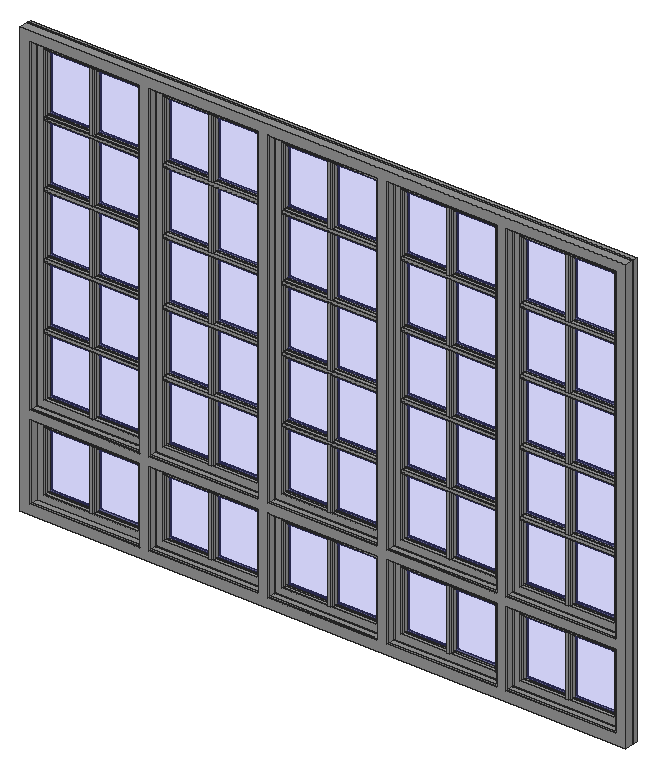
Revit family "MA5SPS", category Windows, host Wall, Revit 2015 (continued)
Automatic sketch dimensions
  Extrusion 2 sketch curve to Extrusion 2 sketch curve = 5 mm
  Extrusion 3 sketch curve to plane 9 = 0 mm
  Extrusion 3 sketch curve to plane 13 = 0 mm
  Extrusion 3 sketch curve to plane 13 = 3.5 mm
  Extrusion 3 sketch curve to plane 13 = 5 mm
  Extrusion 3 sketch curve to Extrusion 3 sketch curve = 3 mm  (x2)
  Extrusion 3 sketch curve to host wall = 3.5 mm  (x3)
  Extrusion 3 sketch curve to Extrusion 3 sketch curve = 8.5 mm  (x2)
  plane 10 to Extrusion 3 sketch curve = 5 mm
  Extrusion 3 sketch curve to Extrusion 3 sketch curve = 14 mm
  host wall to Extrusion 3 sketch curve = 2.5 mm  (x2)
  plane 9 to Extrusion 3 sketch curve = 6 mm  (x2)
  Extrusion 3 sketch curve to Extrusion 3 sketch curve = 1.5 mm
  Extrusion 3 sketch curve to Extrusion 3 sketch curve = 3.5 mm
  Extrusion 3 sketch curve to Extrusion 3 sketch curve = 0 mm
  Extrusion 4 sketch curve to plane 12 = 0 mm
  Extrusion 4 sketch curve to plane 9 = 0 mm
  Extrusion 4 sketch curve to plane 12 = 3.5 mm
  Extrusion 4 sketch curve to plane 12 = 5 mm
  Extrusion 4 sketch curve to Extrusion 4 sketch curve = 3 mm  (x2)
  Extrusion 4 sketch curve to host wall = 3.5 mm  (x4)
  Extrusion 4 sketch curve to Extrusion 4 sketch curve = 8.5 mm  (x2)
  plane 10 to Extrusion 4 sketch curve = 5 mm
  Extrusion 4 sketch curve to Extrusion 4 sketch curve = 14 mm
  plane 9 to Extrusion 4 sketch curve = 6 mm  (x2)
  Extrusion 4 sketch curve to Extrusion 4 sketch curve = 1.5 mm
  Extrusion 4 sketch curve to Extrusion 4 sketch curve = 5 mm
  host wall to Extrusion 4 sketch curve = 2.5 mm  (x2)
  Extrusion 5 sketch curve to plane 12 = 0 mm
  Extrusion 5 sketch curve to plane 9 = 0 mm
  Extrusion 5 sketch curve to plane 12 = 3.5 mm
  Extrusion 5 sketch curve to plane 12 = 5 mm
  Extrusion 5 sketch curve to Extrusion 5 sketch curve = 3 mm  (x2)
  Extrusion 5 sketch curve to host wall = 3.5 mm  (x4)
  Extrusion 5 sketch curve to Extrusion 5 sketch curve = 8.5 mm  (x2)
  plane 10 to Extrusion 5 sketch curve = 5 mm
  Extrusion 5 sketch curve to Extrusion 5 sketch curve = 14 mm
  plane 9 to Extrusion 5 sketch curve = 6 mm  (x2)
  Extrusion 5 sketch curve to Extrusion 5 sketch curve = 1.5 mm
  Extrusion 5 sketch curve to Extrusion 5 sketch curve = 5 mm
  host wall to Extrusion 5 sketch curve = 2.5 mm  (x2)
  Extrusion 6 sketch curve to plane 9 = 0 mm
  Extrusion 6 sketch curve to plane 13 = 0 mm
  Extrusion 6 sketch curve to plane 13 = 3.5 mm
  Extrusion 6 sketch curve to plane 13 = 5 mm
  Extrusion 6 sketch curve to Extrusion 6 sketch curve = 3 mm  (x2)
  Extrusion 6 sketch curve to host wall = 3.5 mm  (x3)
  Extrusion 6 sketch curve to Extrusion 6 sketch curve = 8.5 mm  (x2)
  plane 10 to Extrusion 6 sketch curve = 5 mm
  Extrusion 6 sketch curve to Extrusion 6 sketch curve = 14 mm
  host wall to Extrusion 6 sketch curve = 2.5 mm  (x2)
  plane 9 to Extrusion 6 sketch curve = 6 mm  (x2)
  Extrusion 6 sketch curve to Extrusion 6 sketch curve = 1.5 mm
  Extrusion 6 sketch curve to Extrusion 6 sketch curve = 3.5 mm
  Extrusion 6 sketch curve to Extrusion 6 sketch curve = 0 mm
  plane 6 "Head" to Sweep 7 sketch curve = 37.5 mm
  plane 11 to Sweep 7 sketch curve = 37.5 mm
  Sweep 7 sketch curve to plane 13 = 37.5 mm
  Sweep 7 sketch curve to plane 3 "Left" = 37.5 mm
  profile plane to Sweep 7 sketch curve = 3.5 mm
  profile plane to Sweep 7 sketch curve = 0.5 mm  (x2)
  Sweep 7 sketch curve to profile plane = 0.5 mm  (x2)
  Sweep 7 sketch curve to profile plane = 1.5 mm
  Sweep 7 sketch curve to Sweep 7 sketch curve = 1 mm  (x4)
  Sweep 7 sketch curve to Sweep 7 sketch curve = 2 mm
  Sweep 7 sketch curve to Sweep 7 sketch curve = 3 mm  (x3)
  Sweep 7 sketch curve to profile plane = 25 mm
  Sweep 7 sketch curve to Sweep 7 sketch curve = 0.536 mm  (x2)
  Sweep 7 sketch curve to Sweep 7 sketch curve = 1.766 mm  (x2)
  Sweep 7 sketch curve to Sweep 7 sketch curve = 0.268 mm  (x2)
  Sweep 7 sketch curve to Sweep 7 sketch curve = 2.43 mm  (x2)
  Sweep 7 sketch curve to Sweep 7 sketch curve = 5 mm
  Extrusion 8 sketch curve to plane 9 = 0 mm
  plane 9 to Extrusion 8 sketch curve = 6 mm  (x2)
  Extrusion 8 sketch curve to plane 2 "Center (Left/Right)" = 227 mm
  Extrusion 8 sketch curve to Extrusion 8 sketch curve = 3.5 mm
  Extrusion 8 sketch curve to Extrusion 8 sketch curve = 5 mm  (x2)
  Extrusion 8 sketch curve to Extrusion 8 sketch curve = 3 mm  (x2)
  Extrusion 8 sketch curve to host wall = 3.5 mm  (x4)
  Extrusion 8 sketch curve to Extrusion 8 sketch curve = 8.5 mm  (x2)
  plane 10 to Extrusion 8 sketch curve = 5 mm
  Extrusion 8 sketch curve to Extrusion 8 sketch curve = 14 mm
  Extrusion 8 sketch curve to Extrusion 8 sketch curve = 1.5 mm
  host wall to Extrusion 8 sketch curve = 2.5 mm  (x2)
  Extrusion 9 sketch curve to plane 9 = 0 mm
  plane 9 to Extrusion 9 sketch curve = 6 mm  (x2)
  Extrusion 9 sketch curve to plane 2 "Center (Left/Right)" = 227 mm
  Extrusion 9 sketch curve to Extrusion 9 sketch curve = 3.5 mm
  Extrusion 9 sketch curve to Extrusion 9 sketch curve = 5 mm  (x2)
  Extrusion 9 sketch curve to Extrusion 9 sketch curve = 3 mm  (x2)
  Extrusion 9 sketch curve to host wall = 3.5 mm  (x4)
  Extrusion 9 sketch curve to Extrusion 9 sketch curve = 8.5 mm  (x2)
  plane 10 to Extrusion 9 sketch curve = 5 mm
  Extrusion 9 sketch curve to Extrusion 9 sketch curve = 14 mm
  Extrusion 9 sketch curve to Extrusion 9 sketch curve = 1.5 mm
  host wall to Extrusion 9 sketch curve = 2.5 mm  (x2)
  Extrusion 10 sketch curve to plane 9 = 0 mm
  plane 9 to Extrusion 10 sketch curve = 6 mm  (x2)
  plane 2 "Center (Left/Right)" to Extrusion 10 sketch curve = 271 mm
  Extrusion 10 sketch curve to Extrusion 10 sketch curve = 3.5 mm
  Extrusion 10 sketch curve to Extrusion 10 sketch curve = 5 mm  (x2)
  Extrusion 10 sketch curve to Extrusion 10 sketch curve = 3 mm  (x2)
  Extrusion 10 sketch curve to host wall = 3.5 mm  (x4)
  Extrusion 10 sketch curve to Extrusion 10 sketch curve = 8.5 mm  (x2)
  plane 10 to Extrusion 10 sketch curve = 5 mm
  Extrusion 10 sketch curve to Extrusion 10 sketch curve = 14 mm
  Extrusion 10 sketch curve to Extrusion 10 sketch curve = 1.5 mm
  host wall to Extrusion 10 sketch curve = 2.5 mm  (x2)
  Extrusion 11 sketch curve to plane 9 = 0 mm
  plane 9 to Extrusion 11 sketch curve = 6 mm  (x2)
  plane 2 "Center (Left/Right)" to Extrusion 11 sketch curve = 271 mm
  Extrusion 11 sketch curve to Extrusion 11 sketch curve = 3.5 mm
  Extrusion 11 sketch curve to Extrusion 11 sketch curve = 5 mm  (x2)
  Extrusion 11 sketch curve to Extrusion 11 sketch curve = 3 mm  (x2)
  Extrusion 11 sketch curve to host wall = 3.5 mm  (x4)
  Extrusion 11 sketch curve to Extrusion 11 sketch curve = 8.5 mm  (x2)
  plane 10 to Extrusion 11 sketch curve = 5 mm
  Extrusion 11 sketch curve to Extrusion 11 sketch curve = 14 mm
  Extrusion 11 sketch curve to Extrusion 11 sketch curve = 1.5 mm
  host wall to Extrusion 11 sketch curve = 2.5 mm  (x2)
  profile plane to Sweep 12 sketch curve = 15 mm
  Sweep 12 sketch curve to Sweep 12 sketch curve = 3 mm  (x3)
  Sweep 12 sketch curve to Sweep 12 sketch curve = 0 mm  (x2)
  Sweep 12 sketch curve to Sweep 12 sketch curve = 1 mm  (x7)
  Sweep 12 sketch curve to Sweep 12 sketch curve = 2 mm
  Sweep 12 sketch curve to Sweep 12 sketch curve = 4 mm
  Sweep 12 sketch curve to plane 10 = 25 mm
  Sweep 12 sketch curve to Sweep 12 sketch curve = 0.536 mm  (x2)
  Sweep 12 sketch curve to Sweep 12 sketch curve = 1.766 mm  (x2)
  Sweep 12 sketch curve to Sweep 12 sketch curve = 0.268 mm  (x2)
  Sweep 12 sketch curve to Sweep 12 sketch curve = 2.43 mm
  Sweep 12 sketch curve to Sweep 12 sketch curve = 5 mm
  profile plane to Sweep 13 sketch curve = 15 mm
  Sweep 13 sketch curve to Sweep 13 sketch curve = 3 mm  (x3)
  Sweep 13 sketch curve to Sweep 13 sketch curve = 0 mm  (x2)
  Sweep 13 sketch curve to Sweep 13 sketch curve = 1 mm  (x7)
  Sweep 13 sketch curve to Sweep 13 sketch curve = 2 mm
  Sweep 13 sketch curve to Sweep 13 sketch curve = 4 mm
  Sweep 13 sketch curve to plane 10 = 25 mm
  Sweep 13 sketch curve to Sweep 13 sketch curve = 0.536 mm  (x2)
  Sweep 13 sketch curve to Sweep 13 sketch curve = 1.766 mm  (x2)
  Sweep 13 sketch curve to Sweep 13 sketch curve = 0.268 mm  (x2)
  Sweep 13 sketch curve to Sweep 13 sketch curve = 2.43 mm
  Sweep 13 sketch curve to Sweep 13 sketch curve = 5 mm
  profile plane to Sweep 14 sketch curve = 15 mm
  Sweep 14 sketch curve to Sweep 14 sketch curve = 3 mm  (x3)
  Sweep 14 sketch curve to Sweep 14 sketch curve = 0 mm  (x2)
  Sweep 14 sketch curve to Sweep 14 sketch curve = 1 mm  (x7)
  Sweep 14 sketch curve to Sweep 14 sketch curve = 2 mm
  Sweep 14 sketch curve to Sweep 14 sketch curve = 4 mm
  Sweep 14 sketch curve to plane 10 = 25 mm
  Sweep 14 sketch curve to Sweep 14 sketch curve = 0.536 mm  (x2)
  Sweep 14 sketch curve to Sweep 14 sketch curve = 1.766 mm  (x2)
  Sweep 14 sketch curve to Sweep 14 sketch curve = 0.268 mm  (x2)
  Sweep 14 sketch curve to Sweep 14 sketch curve = 2.43 mm
  Sweep 14 sketch curve to Sweep 14 sketch curve = 5 mm
  profile plane to Sweep 15 sketch curve = 15 mm
  Sweep 15 sketch curve to Sweep 15 sketch curve = 3 mm  (x3)
  Sweep 15 sketch curve to Sweep 15 sketch curve = 0 mm
  Sweep 15 sketch curve to Sweep 15 sketch curve = 1 mm  (x7)
  Sweep 15 sketch curve to Sweep 15 sketch curve = 2 mm
  Sweep 15 sketch curve to Sweep 15 sketch curve = 4 mm
  Sweep 15 sketch curve to plane 10 = 25 mm
  Sweep 15 sketch curve to Sweep 15 sketch curve = 0.536 mm  (x2)
  Sweep 15 sketch curve to Sweep 15 sketch curve = 1.766 mm  (x2)
  Sweep 15 sketch curve to Sweep 15 sketch curve = 0.268 mm  (x2)
  Sweep 15 sketch curve to Sweep 15 sketch curve = 2.43 mm  (x2)
  Sweep 15 sketch curve to Sweep 15 sketch curve = 5 mm
  profile plane to Sweep 16 sketch curve = 15 mm
  Sweep 16 sketch curve to Sweep 16 sketch curve = 3 mm  (x3)
  Sweep 16 sketch curve to Sweep 16 sketch curve = 0 mm
  Sweep 16 sketch curve to Sweep 16 sketch curve = 1 mm  (x7)
  Sweep 16 sketch curve to Sweep 16 sketch curve = 2 mm
  Sweep 16 sketch curve to Sweep 16 sketch curve = 4 mm
  Sweep 16 sketch curve to plane 10 = 25 mm
  Sweep 16 sketch curve to Sweep 16 sketch curve = 0.536 mm  (x2)
  Sweep 16 sketch curve to Sweep 16 sketch curve = 1.766 mm  (x2)
  Sweep 16 sketch curve to Sweep 16 sketch curve = 0.268 mm  (x2)
  Sweep 16 sketch curve to Sweep 16 sketch curve = 2.43 mm  (x2)
  Sweep 16 sketch curve to Sweep 16 sketch curve = 5 mm
  profile plane to Sweep 17 sketch curve = 15 mm
  Sweep 17 sketch curve to Sweep 17 sketch curve = 3 mm  (x3)
  Sweep 17 sketch curve to Sweep 17 sketch curve = 0 mm
  Sweep 17 sketch curve to Sweep 17 sketch curve = 1 mm  (x7)
  Sweep 17 sketch curve to Sweep 17 sketch curve = 2 mm
  Sweep 17 sketch curve to Sweep 17 sketch curve = 4 mm
  Sweep 17 sketch curve to plane 10 = 25 mm
  Sweep 17 sketch curve to Sweep 17 sketch curve = 0.536 mm  (x2)
  Sweep 17 sketch curve to Sweep 17 sketch curve = 1.766 mm  (x2)
  Sweep 17 sketch curve to Sweep 17 sketch curve = 0.268 mm  (x2)
  Sweep 17 sketch curve to Sweep 17 sketch curve = 2.43 mm  (x2)
  Sweep 17 sketch curve to Sweep 17 sketch curve = 5 mm
  profile plane to Sweep 18 sketch curve = 15 mm
  Sweep 18 sketch curve to Sweep 18 sketch curve = 3 mm  (x3)
  Sweep 18 sketch curve to Sweep 18 sketch curve = 0 mm
  Sweep 18 sketch curve to Sweep 18 sketch curve = 1 mm  (x7)
  Sweep 18 sketch curve to Sweep 18 sketch curve = 2 mm
  Sweep 18 sketch curve to Sweep 18 sketch curve = 4 mm
  Sweep 18 sketch curve to plane 10 = 25 mm
  Sweep 18 sketch curve to Sweep 18 sketch curve = 0.536 mm  (x2)
  Sweep 18 sketch curve to Sweep 18 sketch curve = 1.766 mm  (x2)
  Sweep 18 sketch curve to Sweep 18 sketch curve = 0.268 mm  (x2)
  Sweep 18 sketch curve to Sweep 18 sketch curve = 2.43 mm  (x2)
  Sweep 18 sketch curve to Sweep 18 sketch curve = 5 mm
  profile plane to Sweep 19 sketch curve = 15 mm
  Sweep 19 sketch curve to Sweep 19 sketch curve = 3 mm  (x3)
  Sweep 19 sketch curve to Sweep 19 sketch curve = 0 mm  (x2)
  Sweep 19 sketch curve to Sweep 19 sketch curve = 1 mm  (x7)
  Sweep 19 sketch curve to Sweep 19 sketch curve = 2 mm
  Sweep 19 sketch curve to Sweep 19 sketch curve = 4 mm
  Sweep 19 sketch curve to plane 10 = 25 mm
  Sweep 19 sketch curve to Sweep 19 sketch curve = 0.536 mm  (x2)
  Sweep 19 sketch curve to Sweep 19 sketch curve = 1.766 mm  (x2)
  Sweep 19 sketch curve to Sweep 19 sketch curve = 0.268 mm  (x2)
  Sweep 19 sketch curve to Sweep 19 sketch curve = 2.43 mm
  Sweep 19 sketch curve to Sweep 19 sketch curve = 5 mm
  plane 6 "Head" to Sweep 20 sketch curve = 29 mm
  plane 11 to Sweep 20 sketch curve = 29 mm
  plane 4 "Right" to Sweep 20 sketch curve = 29 mm
  Sweep 20 sketch curve to plane 12 = 29 mm
  Sweep 20 sketch curve to profile plane = 0 mm
  profile plane to Sweep 20 sketch curve = 5 mm  (x2)
  Sweep 20 sketch curve to profile plane = 1 mm
  Sweep 20 sketch curve to profile plane = 10 mm
  Sweep 20 sketch curve to profile plane = 12 mm
  Sweep 20 sketch curve to Sweep 20 sketch curve = 2 mm  (x2)
  Sweep 20 sketch curve to profile plane = 8 mm
  Sweep 20 sketch curve to Sweep 20 sketch curve = 29 mm
  Sweep 20 sketch curve to Sweep 20 sketch curve = 0 mm
  Sweep 20 sketch curve to Sweep 20 sketch curve = 6 mm
  Sweep 20 sketch curve to Sweep 20 sketch curve = 3 mm  (x2)
  Sweep 20 sketch curve to Sweep 20 sketch curve = 4 mm
  Sweep 20 sketch curve to Sweep 20 sketch curve = 5 mm
  Sweep 20 sketch curve to Sweep 20 sketch curve = 0.536 mm
  Sweep 20 sketch curve to profile plane = 2.536 mm
  Sweep 20 sketch curve to profile plane = 2 mm
  Sweep 20 sketch curve to Sweep 20 sketch curve = 14 mm
  plane 11 to Sweep 21 sketch curve = 15 mm
  Sweep 21 sketch curve to plane 5 "Sill" = 29 mm
  plane 4 "Right" to Sweep 21 sketch curve = 29 mm
  Sweep 21 sketch curve to plane 12 = 29 mm
  Sweep 21 sketch curve to profile plane = 0 mm
  profile plane to Sweep 21 sketch curve = 5 mm  (x2)
  Sweep 21 sketch curve to profile plane = 1 mm
  Sweep 21 sketch curve to profile plane = 10 mm
  Sweep 21 sketch curve to profile plane = 2 mm
  Sweep 21 sketch curve to Sweep 21 sketch curve = 2 mm  (x3)
  Sweep 21 sketch curve to profile plane = 14 mm
  Sweep 21 sketch curve to Sweep 21 sketch curve = 29 mm
  Sweep 21 sketch curve to Sweep 21 sketch curve = 0 mm
  Sweep 21 sketch curve to Sweep 21 sketch curve = 6 mm
  Sweep 21 sketch curve to Sweep 21 sketch curve = 3 mm  (x2)
  Sweep 21 sketch curve to Sweep 21 sketch curve = 4 mm
  Sweep 21 sketch curve to Sweep 21 sketch curve = 5 mm
  Sweep 21 sketch curve to Sweep 21 sketch curve = 0.536 mm  (x2)
  Sweep 21 sketch curve to Sweep 21 sketch curve = 14 mm
  Extrusion 22 sketch curve to plane 10 = 0 mm  (x8)
  Extrusion 22 sketch curve to Extrusion 22 sketch curve = 25 mm  (x4)
  Extrusion 22 sketch curve to plane 10 = 8 mm  (x8)
  Extrusion 22 sketch curve to Extrusion 22 sketch curve = 6 mm  (x8)
  Extrusion 22 sketch curve to Extrusion 22 sketch curve = 3 mm  (x12)
  plane 11 to Extrusion 22 sketch curve = 316.012 mm
  Extrusion 22 sketch curve to Extrusion 22 sketch curve = 0 mm  (x4)
  Extrusion 22 sketch curve to Extrusion 22 sketch curve = 13 mm  (x6)
  Extrusion 22 sketch curve to Extrusion 22 sketch curve = 235 mm  (x3)
  Extrusion 22 sketch curve to Extrusion 22 sketch curve = 9 mm  (x2)
  Extrusion 23 sketch curve to plane 10 = 0 mm  (x2)
  Extrusion 23 sketch curve to plane 10 = 8 mm
  Extrusion 23 sketch curve to plane 12 = 255.189 mm
  Extrusion 23 sketch curve to Extrusion 23 sketch curve = 3 mm  (x3)
  Extrusion 23 sketch curve to Extrusion 23 sketch curve = 9 mm
  Extrusion 23 sketch curve to Extrusion 23 sketch curve = 6 mm  (x2)
  Extrusion 23 sketch curve to Extrusion 23 sketch curve = 13 mm  (x2)
  Extrusion 23 sketch curve to host wall = 9.5 mm
  Extrusion 23 sketch curve to Extrusion 23 sketch curve = 25 mm
  Extrusion 24 sketch curve to plane 10 = 0 mm  (x2)
  Extrusion 24 sketch curve to plane 10 = 8 mm
  Extrusion 24 sketch curve to plane 12 = 255.189 mm
  Extrusion 24 sketch curve to Extrusion 24 sketch curve = 3 mm  (x3)
  Extrusion 24 sketch curve to Extrusion 24 sketch curve = 9 mm
  Extrusion 24 sketch curve to Extrusion 24 sketch curve = 6 mm  (x2)
  Extrusion 24 sketch curve to Extrusion 24 sketch curve = 13 mm  (x2)
  Extrusion 24 sketch curve to host wall = 9.5 mm
  Extrusion 24 sketch curve to Extrusion 24 sketch curve = 25 mm
  Extrusion 25 sketch curve to plane 10 = 0 mm  (x2)
  Extrusion 25 sketch curve to plane 10 = 8 mm
  Extrusion 25 sketch curve to plane 12 = 255.189 mm
  Extrusion 25 sketch curve to Extrusion 25 sketch curve = 3 mm  (x3)
  Extrusion 25 sketch curve to Extrusion 25 sketch curve = 9 mm
  Extrusion 25 sketch curve to Extrusion 25 sketch curve = 6 mm  (x2)
  Extrusion 25 sketch curve to Extrusion 25 sketch curve = 13 mm  (x2)
  Extrusion 25 sketch curve to host wall = 9.5 mm
  Extrusion 25 sketch curve to Extrusion 25 sketch curve = 25 mm
  Extrusion 26 sketch curve to plane 10 = 0 mm  (x2)
  Extrusion 26 sketch curve to plane 10 = 8 mm
  Extrusion 26 sketch curve to plane 12 = 255.189 mm
  Extrusion 26 sketch curve to Extrusion 26 sketch curve = 3 mm  (x3)
  Extrusion 26 sketch curve to Extrusion 26 sketch curve = 9 mm
  Extrusion 26 sketch curve to Extrusion 26 sketch curve = 6 mm  (x2)
  Extrusion 26 sketch curve to Extrusion 26 sketch curve = 13 mm  (x2)
  Extrusion 26 sketch curve to host wall = 9.5 mm
  Extrusion 26 sketch curve to Extrusion 26 sketch curve = 25 mm
  Extrusion 27 sketch curve to plane 10 = 0 mm  (x2)
  Extrusion 27 sketch curve to plane 10 = 8 mm
  Extrusion 27 sketch curve to plane 12 = 255.189 mm
  Extrusion 27 sketch curve to Extrusion 27 sketch curve = 3 mm  (x3)
  Extrusion 27 sketch curve to Extrusion 27 sketch curve = 9 mm
  Extrusion 27 sketch curve to Extrusion 27 sketch curve = 6 mm  (x2)
  Extrusion 27 sketch curve to Extrusion 27 sketch curve = 13 mm  (x2)
  Extrusion 27 sketch curve to host wall = 9.5 mm
  Extrusion 27 sketch curve to Extrusion 27 sketch curve = 25 mm
  Extrusion 28 sketch curve to plane 10 = 0 mm  (x2)
  Extrusion 28 sketch curve to plane 10 = 8 mm
  Extrusion 28 sketch curve to plane 12 = 255.189 mm
  Extrusion 28 sketch curve to Extrusion 28 sketch curve = 3 mm  (x3)
  Extrusion 28 sketch curve to Extrusion 28 sketch curve = 9 mm
  Extrusion 28 sketch curve to Extrusion 28 sketch curve = 6 mm  (x2)
  Extrusion 28 sketch curve to Extrusion 28 sketch curve = 13 mm  (x2)
  Extrusion 28 sketch curve to host wall = 9.5 mm
  Extrusion 28 sketch curve to Extrusion 28 sketch curve = 25 mm
  Extrusion 29 sketch curve to Extrusion 29 sketch curve = 13 mm
  Extrusion 29 sketch curve to Extrusion 29 sketch curve = 0 mm
  Sweep 30 sketch curve to profile plane = 0 mm
  Sweep 30 sketch curve to profile plane = 0.241 mm
  Sweep 30 sketch curve to Sweep 30 sketch curve = 6.759 mm
  Sweep 30 sketch curve to Sweep 30 sketch curve = 2 mm  (x2)
  profile plane to Sweep 30 sketch curve = 6.4 mm
  Sweep 30 sketch curve to Sweep 30 sketch curve = 1.197 mm
  Sweep 31 sketch curve to profile plane = 0 mm
  Sweep 31 sketch curve to profile plane = 0.241 mm
  Sweep 31 sketch curve to Sweep 31 sketch curve = 6.759 mm
  Sweep 31 sketch curve to Sweep 31 sketch curve = 2 mm  (x2)
  profile plane to Sweep 31 sketch curve = 6.4 mm
  Sweep 31 sketch curve to Sweep 31 sketch curve = 1.197 mm
  Sweep 32 sketch curve to profile plane = 0 mm
  Sweep 32 sketch curve to profile plane = 0.241 mm
  Sweep 32 sketch curve to Sweep 32 sketch curve = 6.759 mm
  Sweep 32 sketch curve to Sweep 32 sketch curve = 2 mm  (x2)
  profile plane to Sweep 32 sketch curve = 6.4 mm
  Sweep 32 sketch curve to Sweep 32 sketch curve = 1.197 mm
  Sweep 33 sketch curve to profile plane = 0 mm
  Sweep 33 sketch curve to profile plane = 0.241 mm
  Sweep 33 sketch curve to Sweep 33 sketch curve = 6.759 mm
  Sweep 33 sketch curve to Sweep 33 sketch curve = 2 mm  (x2)
  profile plane to Sweep 33 sketch curve = 6.4 mm
  Sweep 33 sketch curve to Sweep 33 sketch curve = 1.197 mm
  Sweep 34 sketch curve to profile plane = 0 mm
  Sweep 34 sketch curve to profile plane = 0.241 mm
  Sweep 34 sketch curve to Sweep 34 sketch curve = 6.759 mm
  Sweep 34 sketch curve to Sweep 34 sketch curve = 2 mm  (x2)
  profile plane to Sweep 34 sketch curve = 6.4 mm
  Sweep 34 sketch curve to Sweep 34 sketch curve = 1.197 mm
  Sweep 35 sketch curve to profile plane = 0 mm
  Sweep 35 sketch curve to profile plane = 0.241 mm
  Sweep 35 sketch curve to Sweep 35 sketch curve = 6.759 mm
  Sweep 35 sketch curve to Sweep 35 sketch curve = 2 mm  (x2)
  profile plane to Sweep 35 sketch curve = 6.4 mm
  Sweep 35 sketch curve to Sweep 35 sketch curve = 1.197 mm
  Sweep 36 sketch curve to profile plane = 0 mm
  Sweep 36 sketch curve to profile plane = 0.241 mm
  Sweep 36 sketch curve to Sweep 36 sketch curve = 6.759 mm
  Sweep 36 sketch curve to Sweep 36 sketch curve = 2 mm  (x2)
  profile plane to Sweep 36 sketch curve = 6.4 mm
  Sweep 36 sketch curve to Sweep 36 sketch curve = 1.197 mm
  Sweep 37 sketch curve to profile plane = 0 mm
  Sweep 37 sketch curve to profile plane = 0.241 mm
  Sweep 37 sketch curve to Sweep 37 sketch curve = 6.759 mm
  Sweep 37 sketch curve to Sweep 37 sketch curve = 2 mm  (x2)
  profile plane to Sweep 37 sketch curve = 6.4 mm
  Sweep 37 sketch curve to Sweep 37 sketch curve = 1.197 mm
  Sweep 38 sketch curve to profile plane = 0 mm
  Sweep 38 sketch curve to profile plane = 0.241 mm
  Sweep 38 sketch curve to Sweep 38 sketch curve = 6.759 mm
  Sweep 38 sketch curve to Sweep 38 sketch curve = 2 mm  (x2)
  profile plane to Sweep 38 sketch curve = 6.4 mm
  Sweep 38 sketch curve to Sweep 38 sketch curve = 1.197 mm
  Sweep 39 sketch curve to profile plane = 0 mm
  Sweep 39 sketch curve to profile plane = 0.241 mm
  Sweep 39 sketch curve to Sweep 39 sketch curve = 6.759 mm
  Sweep 39 sketch curve to Sweep 39 sketch curve = 2 mm  (x2)
  profile plane to Sweep 39 sketch curve = 6.4 mm
  Sweep 39 sketch curve to Sweep 39 sketch curve = 1.197 mm
  Sweep 40 sketch curve to profile plane = 0 mm
  Sweep 40 sketch curve to profile plane = 0.241 mm
  Sweep 40 sketch curve to Sweep 40 sketch curve = 6.759 mm
  Sweep 40 sketch curve to Sweep 40 sketch curve = 2 mm  (x2)
  profile plane to Sweep 40 sketch curve = 6.4 mm
  Sweep 40 sketch curve to Sweep 40 sketch curve = 1.197 mm
  Sweep 41 sketch curve to profile plane = 0 mm
  Sweep 41 sketch curve to profile plane = 0.241 mm
  Sweep 41 sketch curve to Sweep 41 sketch curve = 6.759 mm
  Sweep 41 sketch curve to Sweep 41 sketch curve = 2 mm  (x2)
  profile plane to Sweep 41 sketch curve = 6.4 mm
  Sweep 41 sketch curve to Sweep 41 sketch curve = 1.197 mm
  plane 6 "Head" to Sweep 42 sketch curve = 29 mm
  plane 11 to Sweep 42 sketch curve = 29 mm
  Sweep 42 sketch curve to plane 12 = 15 mm
  Sweep 42 sketch curve to plane 2 "Center (Left/Right)" = 256 mm
  Sweep 42 sketch curve to profile plane = 0 mm
  profile plane to Sweep 42 sketch curve = 5 mm  (x2)
  Sweep 42 sketch curve to profile plane = 1 mm
  Sweep 42 sketch curve to profile plane = 10 mm
  Sweep 42 sketch curve to profile plane = 12 mm
  Sweep 42 sketch curve to Sweep 42 sketch curve = 2 mm  (x2)
  Sweep 42 sketch curve to profile plane = 8 mm
  Sweep 42 sketch curve to Sweep 42 sketch curve = 29 mm
  Sweep 42 sketch curve to Sweep 42 sketch curve = 0 mm
  Sweep 42 sketch curve to Sweep 42 sketch curve = 6 mm
  Sweep 42 sketch curve to Sweep 42 sketch curve = 3 mm  (x2)
  Sweep 42 sketch curve to Sweep 42 sketch curve = 4 mm
  Sweep 42 sketch curve to Sweep 42 sketch curve = 5 mm
  Sweep 42 sketch curve to Sweep 42 sketch curve = 0.536 mm
  Sweep 42 sketch curve to profile plane = 2.536 mm
  Sweep 42 sketch curve to profile plane = 2 mm
  Sweep 42 sketch curve to Sweep 42 sketch curve = 14 mm
  plane 11 to Sweep 43 sketch curve = 15 mm
  Sweep 43 sketch curve to plane 5 "Sill" = 29 mm
  Sweep 43 sketch curve to plane 12 = 15 mm
  Sweep 43 sketch curve to plane 2 "Center (Left/Right)" = 256 mm
  Sweep 43 sketch curve to profile plane = 0 mm
  profile plane to Sweep 43 sketch curve = 5 mm  (x2)
  Sweep 43 sketch curve to profile plane = 1 mm
  Sweep 43 sketch curve to profile plane = 10 mm
  Sweep 43 sketch curve to profile plane = 2 mm
  Sweep 43 sketch curve to Sweep 43 sketch curve = 2 mm  (x3)
  Sweep 43 sketch curve to profile plane = 14 mm
  Sweep 43 sketch curve to Sweep 43 sketch curve = 29 mm
  Sweep 43 sketch curve to Sweep 43 sketch curve = 0 mm
  Sweep 43 sketch curve to Sweep 43 sketch curve = 6 mm
  Sweep 43 sketch curve to Sweep 43 sketch curve = 3 mm  (x2)
  Sweep 43 sketch curve to Sweep 43 sketch curve = 4 mm
  Sweep 43 sketch curve to Sweep 43 sketch curve = 5 mm
  Sweep 43 sketch curve to Sweep 43 sketch curve = 0.536 mm  (x2)
  Sweep 43 sketch curve to Sweep 43 sketch curve = 14 mm
  Extrusion 44 sketch curve to plane 10 = 0 mm  (x8)
  Extrusion 44 sketch curve to Extrusion 44 sketch curve = 25 mm  (x4)
  Extrusion 44 sketch curve to plane 10 = 8 mm  (x8)
  Extrusion 44 sketch curve to Extrusion 44 sketch curve = 6 mm  (x8)
  Extrusion 44 sketch curve to Extrusion 44 sketch curve = 3 mm  (x12)
  plane 11 to Extrusion 44 sketch curve = 316.012 mm
  Extrusion 44 sketch curve to Extrusion 44 sketch curve = 0 mm  (x4)
  Extrusion 44 sketch curve to Extrusion 44 sketch curve = 13 mm  (x6)
  Extrusion 44 sketch curve to Extrusion 44 sketch curve = 235 mm  (x3)
  Extrusion 44 sketch curve to Extrusion 44 sketch curve = 9 mm  (x2)
  Extrusion 45 sketch curve to plane 10 = 0 mm  (x2)
  Extrusion 45 sketch curve to plane 10 = 8 mm
  plane 12 to Extrusion 45 sketch curve = 242.811 mm
  Extrusion 45 sketch curve to Extrusion 45 sketch curve = 3 mm  (x3)
  Extrusion 45 sketch curve to Extrusion 45 sketch curve = 9 mm
  Extrusion 45 sketch curve to Extrusion 45 sketch curve = 6 mm  (x2)
  Extrusion 45 sketch curve to Extrusion 45 sketch curve = 13 mm  (x2)
  Extrusion 45 sketch curve to host wall = 9.5 mm
  Extrusion 45 sketch curve to Extrusion 45 sketch curve = 25 mm
  Extrusion 46 sketch curve to plane 10 = 0 mm  (x2)
  Extrusion 46 sketch curve to plane 10 = 8 mm
  plane 12 to Extrusion 46 sketch curve = 242.811 mm
  Extrusion 46 sketch curve to Extrusion 46 sketch curve = 3 mm  (x3)
  Extrusion 46 sketch curve to Extrusion 46 sketch curve = 9 mm
  Extrusion 46 sketch curve to Extrusion 46 sketch curve = 6 mm  (x2)
  Extrusion 46 sketch curve to Extrusion 46 sketch curve = 13 mm  (x2)
  Extrusion 46 sketch curve to host wall = 9.5 mm
  Extrusion 46 sketch curve to Extrusion 46 sketch curve = 25 mm
  Extrusion 47 sketch curve to plane 10 = 0 mm  (x2)
  Extrusion 47 sketch curve to plane 10 = 8 mm
  plane 12 to Extrusion 47 sketch curve = 242.811 mm
  Extrusion 47 sketch curve to Extrusion 47 sketch curve = 3 mm  (x3)
  Extrusion 47 sketch curve to Extrusion 47 sketch curve = 9 mm
  Extrusion 47 sketch curve to Extrusion 47 sketch curve = 6 mm  (x2)
  Extrusion 47 sketch curve to Extrusion 47 sketch curve = 13 mm  (x2)
  Extrusion 47 sketch curve to host wall = 9.5 mm
  Extrusion 47 sketch curve to Extrusion 47 sketch curve = 25 mm
  Extrusion 48 sketch curve to plane 10 = 0 mm  (x2)
  Extrusion 48 sketch curve to plane 10 = 8 mm
  plane 12 to Extrusion 48 sketch curve = 242.811 mm
  Extrusion 48 sketch curve to Extrusion 48 sketch curve = 3 mm  (x3)
  Extrusion 48 sketch curve to Extrusion 48 sketch curve = 9 mm
  Extrusion 48 sketch curve to Extrusion 48 sketch curve = 6 mm  (x2)
  Extrusion 48 sketch curve to Extrusion 48 sketch curve = 13 mm  (x2)
  Extrusion 48 sketch curve to host wall = 9.5 mm
  Extrusion 48 sketch curve to Extrusion 48 sketch curve = 25 mm
  Extrusion 49 sketch curve to plane 10 = 0 mm  (x2)
  Extrusion 49 sketch curve to plane 10 = 8 mm
  plane 12 to Extrusion 49 sketch curve = 242.811 mm
  Extrusion 49 sketch curve to Extrusion 49 sketch curve = 3 mm  (x3)
  Extrusion 49 sketch curve to Extrusion 49 sketch curve = 9 mm
  Extrusion 49 sketch curve to Extrusion 49 sketch curve = 6 mm  (x2)
  Extrusion 49 sketch curve to Extrusion 49 sketch curve = 13 mm  (x2)
  Extrusion 49 sketch curve to host wall = 9.5 mm
  Extrusion 49 sketch curve to Extrusion 49 sketch curve = 25 mm
  Extrusion 50 sketch curve to plane 10 = 0 mm  (x2)
  Extrusion 50 sketch curve to plane 10 = 8 mm
  plane 12 to Extrusion 50 sketch curve = 242.811 mm
  Extrusion 50 sketch curve to Extrusion 50 sketch curve = 3 mm  (x3)
  Extrusion 50 sketch curve to Extrusion 50 sketch curve = 9 mm
  Extrusion 50 sketch curve to Extrusion 50 sketch curve = 6 mm  (x2)
  Extrusion 50 sketch curve to Extrusion 50 sketch curve = 13 mm  (x2)
  Extrusion 50 sketch curve to host wall = 9.5 mm
  Extrusion 50 sketch curve to Extrusion 50 sketch curve = 25 mm
  Extrusion 51 sketch curve to Extrusion 51 sketch curve = 13 mm
  Extrusion 51 sketch curve to Extrusion 51 sketch curve = 0 mm
  Sweep 52 sketch curve to profile plane = 0 mm
  Sweep 52 sketch curve to profile plane = 0.241 mm
  Sweep 52 sketch curve to Sweep 52 sketch curve = 6.759 mm
  Sweep 52 sketch curve to Sweep 52 sketch curve = 2 mm  (x2)
  profile plane to Sweep 52 sketch curve = 6.4 mm
  Sweep 52 sketch curve to Sweep 52 sketch curve = 1.197 mm
  Sweep 53 sketch curve to profile plane = 0 mm
  Sweep 53 sketch curve to profile plane = 0.241 mm
  Sweep 53 sketch curve to Sweep 53 sketch curve = 6.759 mm
  Sweep 53 sketch curve to Sweep 53 sketch curve = 2 mm  (x2)
  profile plane to Sweep 53 sketch curve = 6.4 mm
  Sweep 53 sketch curve to Sweep 53 sketch curve = 1.197 mm
  Sweep 54 sketch curve to profile plane = 0 mm
  Sweep 54 sketch curve to profile plane = 0.241 mm
  Sweep 54 sketch curve to Sweep 54 sketch curve = 6.759 mm
  Sweep 54 sketch curve to Sweep 54 sketch curve = 2 mm  (x2)
  profile plane to Sweep 54 sketch curve = 6.4 mm
  Sweep 54 sketch curve to Sweep 54 sketch curve = 1.197 mm
  Sweep 55 sketch curve to profile plane = 0 mm
  Sweep 55 sketch curve to profile plane = 0.241 mm
  Sweep 55 sketch curve to Sweep 55 sketch curve = 6.759 mm
  Sweep 55 sketch curve to Sweep 55 sketch curve = 2 mm  (x2)
  profile plane to Sweep 55 sketch curve = 6.4 mm
  Sweep 55 sketch curve to Sweep 55 sketch curve = 1.197 mm
  Sweep 56 sketch curve to profile plane = 0 mm
  Sweep 56 sketch curve to profile plane = 0.241 mm
  Sweep 56 sketch curve to Sweep 56 sketch curve = 6.759 mm
  Sweep 56 sketch curve to Sweep 56 sketch curve = 2 mm  (x2)
  profile plane to Sweep 56 sketch curve = 6.4 mm
  Sweep 56 sketch curve to Sweep 56 sketch curve = 1.197 mm
  Sweep 57 sketch curve to profile plane = 0 mm
  Sweep 57 sketch curve to profile plane = 0.241 mm
  Sweep 57 sketch curve to Sweep 57 sketch curve = 6.759 mm
  Sweep 57 sketch curve to Sweep 57 sketch curve = 2 mm  (x2)
  profile plane to Sweep 57 sketch curve = 6.4 mm
  Sweep 57 sketch curve to Sweep 57 sketch curve = 1.197 mm
  Sweep 58 sketch curve to profile plane = 0 mm
  Sweep 58 sketch curve to profile plane = 0.241 mm
  Sweep 58 sketch curve to Sweep 58 sketch curve = 6.759 mm
  Sweep 58 sketch curve to Sweep 58 sketch curve = 2 mm  (x2)
  profile plane to Sweep 58 sketch curve = 6.4 mm
  Sweep 58 sketch curve to Sweep 58 sketch curve = 1.197 mm
  Sweep 59 sketch curve to profile plane = 0 mm
  Sweep 59 sketch curve to profile plane = 0.241 mm
  Sweep 59 sketch curve to Sweep 59 sketch curve = 6.759 mm
  Sweep 59 sketch curve to Sweep 59 sketch curve = 2 mm  (x2)
  profile plane to Sweep 59 sketch curve = 6.4 mm
  Sweep 59 sketch curve to Sweep 59 sketch curve = 1.197 mm
  Sweep 60 sketch curve to profile plane = 0 mm
  Sweep 60 sketch curve to profile plane = 0.241 mm
  Sweep 60 sketch curve to Sweep 60 sketch curve = 6.759 mm
  Sweep 60 sketch curve to Sweep 60 sketch curve = 2 mm  (x2)
  profile plane to Sweep 60 sketch curve = 6.4 mm
  Sweep 60 sketch curve to Sweep 60 sketch curve = 1.197 mm
  Sweep 61 sketch curve to profile plane = 0 mm
  Sweep 61 sketch curve to profile plane = 0.241 mm
  Sweep 61 sketch curve to Sweep 61 sketch curve = 6.759 mm
  Sweep 61 sketch curve to Sweep 61 sketch curve = 2 mm  (x2)
  profile plane to Sweep 61 sketch curve = 6.4 mm
  Sweep 61 sketch curve to Sweep 61 sketch curve = 1.197 mm
  Sweep 62 sketch curve to profile plane = 0 mm
  Sweep 62 sketch curve to profile plane = 0.241 mm
  Sweep 62 sketch curve to Sweep 62 sketch curve = 6.759 mm
  Sweep 62 sketch curve to Sweep 62 sketch curve = 2 mm  (x2)
  profile plane to Sweep 62 sketch curve = 6.4 mm
  Sweep 62 sketch curve to Sweep 62 sketch curve = 1.197 mm
  Sweep 63 sketch curve to profile plane = 0 mm
  Sweep 63 sketch curve to profile plane = 0.241 mm
  Sweep 63 sketch curve to Sweep 63 sketch curve = 6.759 mm
  Sweep 63 sketch curve to Sweep 63 sketch curve = 2 mm  (x2)
  profile plane to Sweep 63 sketch curve = 6.4 mm
  Sweep 63 sketch curve to Sweep 63 sketch curve = 1.197 mm
  plane 6 "Head" to Sweep 64 sketch curve = 29 mm
  plane 11 to Sweep 64 sketch curve = 29 mm
  Sweep 64 sketch curve to plane 2 "Center (Left/Right)" = 242 mm
  plane 2 "Center (Left/Right)" to Sweep 64 sketch curve = 242 mm
  Sweep 64 sketch curve to profile plane = 0 mm
  profile plane to Sweep 64 sketch curve = 5 mm  (x2)
  Sweep 64 sketch curve to profile plane = 1 mm
  Sweep 64 sketch curve to profile plane = 10 mm
  Sweep 64 sketch curve to profile plane = 12 mm
  Sweep 64 sketch curve to Sweep 64 sketch curve = 2 mm  (x2)
  Sweep 64 sketch curve to profile plane = 8 mm
  Sweep 64 sketch curve to Sweep 64 sketch curve = 29 mm
  Sweep 64 sketch curve to Sweep 64 sketch curve = 0 mm
  Sweep 64 sketch curve to Sweep 64 sketch curve = 6 mm
  Sweep 64 sketch curve to Sweep 64 sketch curve = 3 mm  (x2)
  Sweep 64 sketch curve to Sweep 64 sketch curve = 4 mm
  Sweep 64 sketch curve to Sweep 64 sketch curve = 5 mm
  Sweep 64 sketch curve to Sweep 64 sketch curve = 0.536 mm
  Sweep 64 sketch curve to profile plane = 2.536 mm
  Sweep 64 sketch curve to profile plane = 2 mm
  Sweep 64 sketch curve to Sweep 64 sketch curve = 14 mm
  plane 11 to Sweep 65 sketch curve = 15 mm
  Sweep 65 sketch curve to plane 5 "Sill" = 29 mm
  Sweep 65 sketch curve to plane 2 "Center (Left/Right)" = 242 mm
  plane 2 "Center (Left/Right)" to Sweep 65 sketch curve = 242 mm
  Sweep 65 sketch curve to profile plane = 0 mm
  profile plane to Sweep 65 sketch curve = 5 mm  (x2)
  Sweep 65 sketch curve to profile plane = 1 mm
  Sweep 65 sketch curve to profile plane = 10 mm
  Sweep 65 sketch curve to profile plane = 2 mm
  Sweep 65 sketch curve to Sweep 65 sketch curve = 2 mm  (x3)
  Sweep 65 sketch curve to profile plane = 14 mm
  Sweep 65 sketch curve to Sweep 65 sketch curve = 29 mm
  Sweep 65 sketch curve to Sweep 65 sketch curve = 0 mm
  Sweep 65 sketch curve to Sweep 65 sketch curve = 6 mm
  Sweep 65 sketch curve to Sweep 65 sketch curve = 3 mm  (x2)
  Sweep 65 sketch curve to Sweep 65 sketch curve = 4 mm
  Sweep 65 sketch curve to Sweep 65 sketch curve = 5 mm
  Sweep 65 sketch curve to Sweep 65 sketch curve = 0.536 mm  (x2)
  Sweep 65 sketch curve to Sweep 65 sketch curve = 14 mm
  Extrusion 66 sketch curve to plane 10 = 0 mm  (x8)
  Extrusion 66 sketch curve to Extrusion 66 sketch curve = 25 mm  (x4)
  Extrusion 66 sketch curve to plane 10 = 8 mm  (x8)
  Extrusion 66 sketch curve to Extrusion 66 sketch curve = 6 mm  (x8)
  Extrusion 66 sketch curve to Extrusion 66 sketch curve = 3 mm  (x12)
  plane 11 to Extrusion 66 sketch curve = 316.012 mm
  Extrusion 66 sketch curve to Extrusion 66 sketch curve = 0 mm  (x4)
  Extrusion 66 sketch curve to Extrusion 66 sketch curve = 13 mm  (x6)
  Extrusion 66 sketch curve to Extrusion 66 sketch curve = 235 mm  (x3)
  Extrusion 66 sketch curve to Extrusion 66 sketch curve = 9 mm  (x2)
  Extrusion 67 sketch curve to plane 10 = 0 mm  (x2)
  plane 2 "Center (Left/Right)" to Extrusion 67 sketch curve = 15.811 mm
  Extrusion 67 sketch curve to Extrusion 67 sketch curve = 3 mm  (x3)
  plane 2 "Center (Left/Right)" to Extrusion 67 sketch curve = 6.811 mm  (x2)
  Extrusion 67 sketch curve to plane 2 "Center (Left/Right)" = 6.189 mm  (x2)
  Extrusion 67 sketch curve to Extrusion 67 sketch curve = 6 mm
  Extrusion 67 sketch curve to plane 10 = 8 mm  (x2)
  Extrusion 67 sketch curve to Extrusion 67 sketch curve = 25 mm
  Extrusion 68 sketch curve to plane 10 = 0 mm  (x2)
  plane 2 "Center (Left/Right)" to Extrusion 68 sketch curve = 15.811 mm
  Extrusion 68 sketch curve to Extrusion 68 sketch curve = 3 mm  (x3)
  plane 2 "Center (Left/Right)" to Extrusion 68 sketch curve = 6.811 mm  (x2)
  Extrusion 68 sketch curve to plane 2 "Center (Left/Right)" = 6.189 mm  (x2)
  Extrusion 68 sketch curve to Extrusion 68 sketch curve = 6 mm
  Extrusion 68 sketch curve to plane 10 = 8 mm  (x2)
  Extrusion 68 sketch curve to Extrusion 68 sketch curve = 25 mm
  Extrusion 69 sketch curve to plane 10 = 0 mm  (x2)
  plane 2 "Center (Left/Right)" to Extrusion 69 sketch curve = 15.811 mm
  Extrusion 69 sketch curve to Extrusion 69 sketch curve = 3 mm  (x3)
  plane 2 "Center (Left/Right)" to Extrusion 69 sketch curve = 6.811 mm  (x2)
  Extrusion 69 sketch curve to plane 2 "Center (Left/Right)" = 6.189 mm  (x2)
  Extrusion 69 sketch curve to Extrusion 69 sketch curve = 6 mm
  Extrusion 69 sketch curve to plane 10 = 8 mm  (x2)
  Extrusion 69 sketch curve to Extrusion 69 sketch curve = 25 mm
  Extrusion 70 sketch curve to plane 10 = 0 mm  (x2)
  plane 2 "Center (Left/Right)" to Extrusion 70 sketch curve = 15.811 mm
  Extrusion 70 sketch curve to Extrusion 70 sketch curve = 3 mm  (x3)
  plane 2 "Center (Left/Right)" to Extrusion 70 sketch curve = 6.811 mm  (x2)
  Extrusion 70 sketch curve to plane 2 "Center (Left/Right)" = 6.189 mm  (x2)
  Extrusion 70 sketch curve to Extrusion 70 sketch curve = 6 mm
  Extrusion 70 sketch curve to plane 10 = 8 mm  (x2)
  Extrusion 70 sketch curve to Extrusion 70 sketch curve = 25 mm
  Extrusion 71 sketch curve to plane 10 = 0 mm  (x2)
  plane 2 "Center (Left/Right)" to Extrusion 71 sketch curve = 15.811 mm
  Extrusion 71 sketch curve to Extrusion 71 sketch curve = 3 mm  (x3)
  plane 2 "Center (Left/Right)" to Extrusion 71 sketch curve = 6.811 mm  (x2)
  Extrusion 71 sketch curve to plane 2 "Center (Left/Right)" = 6.189 mm  (x2)
  Extrusion 71 sketch curve to Extrusion 71 sketch curve = 6 mm
  Extrusion 71 sketch curve to plane 10 = 8 mm  (x2)
  Extrusion 71 sketch curve to Extrusion 71 sketch curve = 25 mm
  Extrusion 72 sketch curve to plane 10 = 0 mm  (x2)
  plane 2 "Center (Left/Right)" to Extrusion 72 sketch curve = 15.811 mm
  Extrusion 72 sketch curve to Extrusion 72 sketch curve = 3 mm  (x3)
  plane 2 "Center (Left/Right)" to Extrusion 72 sketch curve = 6.811 mm  (x2)
  Extrusion 72 sketch curve to plane 2 "Center (Left/Right)" = 6.189 mm  (x2)
  Extrusion 72 sketch curve to Extrusion 72 sketch curve = 6 mm
  Extrusion 72 sketch curve to plane 10 = 8 mm  (x2)
  Extrusion 72 sketch curve to Extrusion 72 sketch curve = 25 mm
  Extrusion 73 sketch curve to Extrusion 73 sketch curve = 13 mm
  Extrusion 73 sketch curve to Extrusion 73 sketch curve = 0 mm
  Sweep 74 sketch curve to profile plane = 0 mm
  Sweep 74 sketch curve to profile plane = 0.241 mm
  Sweep 74 sketch curve to Sweep 74 sketch curve = 6.759 mm
  Sweep 74 sketch curve to Sweep 74 sketch curve = 2 mm  (x2)
  profile plane to Sweep 74 sketch curve = 6.4 mm
  Sweep 74 sketch curve to Sweep 74 sketch curve = 1.197 mm
  Sweep 75 sketch curve to profile plane = 0 mm
  Sweep 75 sketch curve to profile plane = 0.241 mm
  Sweep 75 sketch curve to Sweep 75 sketch curve = 6.759 mm
  Sweep 75 sketch curve to Sweep 75 sketch curve = 2 mm  (x2)
  profile plane to Sweep 75 sketch curve = 6.4 mm
  Sweep 75 sketch curve to Sweep 75 sketch curve = 1.197 mm
  Sweep 76 sketch curve to profile plane = 0 mm
  Sweep 76 sketch curve to profile plane = 0.241 mm
  Sweep 76 sketch curve to Sweep 76 sketch curve = 6.759 mm
  Sweep 76 sketch curve to Sweep 76 sketch curve = 2 mm  (x2)
  profile plane to Sweep 76 sketch curve = 6.4 mm
  Sweep 76 sketch curve to Sweep 76 sketch curve = 1.197 mm
  Sweep 77 sketch curve to profile plane = 0 mm
  Sweep 77 sketch curve to profile plane = 0.241 mm
  Sweep 77 sketch curve to Sweep 77 sketch curve = 6.759 mm
  Sweep 77 sketch curve to Sweep 77 sketch curve = 2 mm  (x2)
  profile plane to Sweep 77 sketch curve = 6.4 mm
  Sweep 77 sketch curve to Sweep 77 sketch curve = 1.197 mm
  Sweep 78 sketch curve to profile plane = 0 mm
  Sweep 78 sketch curve to profile plane = 0.241 mm
  Sweep 78 sketch curve to Sweep 78 sketch curve = 6.759 mm
  Sweep 78 sketch curve to Sweep 78 sketch curve = 2 mm  (x2)
  profile plane to Sweep 78 sketch curve = 6.4 mm
  Sweep 78 sketch curve to Sweep 78 sketch curve = 1.197 mm
  Sweep 79 sketch curve to profile plane = 0 mm
  Sweep 79 sketch curve to profile plane = 0.241 mm
  Sweep 79 sketch curve to Sweep 79 sketch curve = 6.759 mm
  Sweep 79 sketch curve to Sweep 79 sketch curve = 2 mm  (x2)
  profile plane to Sweep 79 sketch curve = 6.4 mm
  Sweep 79 sketch curve to Sweep 79 sketch curve = 1.197 mm
  Sweep 80 sketch curve to profile plane = 0 mm
  Sweep 80 sketch curve to profile plane = 0.241 mm
  Sweep 80 sketch curve to Sweep 80 sketch curve = 6.759 mm
  Sweep 80 sketch curve to Sweep 80 sketch curve = 2 mm  (x2)
  profile plane to Sweep 80 sketch curve = 6.4 mm
  Sweep 80 sketch curve to Sweep 80 sketch curve = 1.197 mm
  Sweep 81 sketch curve to profile plane = 0 mm
  Sweep 81 sketch curve to profile plane = 0.241 mm
  Sweep 81 sketch curve to Sweep 81 sketch curve = 6.759 mm
  Sweep 81 sketch curve to Sweep 81 sketch curve = 2 mm  (x2)
  profile plane to Sweep 81 sketch curve = 6.4 mm
  Sweep 81 sketch curve to Sweep 81 sketch curve = 1.197 mm
  Sweep 82 sketch curve to profile plane = 0 mm
  Sweep 82 sketch curve to profile plane = 0.241 mm
  Sweep 82 sketch curve to Sweep 82 sketch curve = 6.759 mm
  Sweep 82 sketch curve to Sweep 82 sketch curve = 2 mm  (x2)
  profile plane to Sweep 82 sketch curve = 6.4 mm
  Sweep 82 sketch curve to Sweep 82 sketch curve = 1.197 mm
  Sweep 83 sketch curve to profile plane = 0 mm
  Sweep 83 sketch curve to profile plane = 0.241 mm
  Sweep 83 sketch curve to Sweep 83 sketch curve = 6.759 mm
  Sweep 83 sketch curve to Sweep 83 sketch curve = 2 mm  (x2)
  profile plane to Sweep 83 sketch curve = 6.4 mm
  Sweep 83 sketch curve to Sweep 83 sketch curve = 1.197 mm
  Sweep 84 sketch curve to profile plane = 0 mm
  Sweep 84 sketch curve to profile plane = 0.241 mm
  Sweep 84 sketch curve to Sweep 84 sketch curve = 6.759 mm
  Sweep 84 sketch curve to Sweep 84 sketch curve = 2 mm  (x2)
  profile plane to Sweep 84 sketch curve = 6.4 mm
  Sweep 84 sketch curve to Sweep 84 sketch curve = 1.197 mm
  Sweep 85 sketch curve to profile plane = 0 mm
  Sweep 85 sketch curve to profile plane = 0.241 mm
  Sweep 85 sketch curve to Sweep 85 sketch curve = 6.759 mm
  Sweep 85 sketch curve to Sweep 85 sketch curve = 2 mm  (x2)
  profile plane to Sweep 85 sketch curve = 6.4 mm
  Sweep 85 sketch curve to Sweep 85 sketch curve = 1.197 mm
  plane 6 "Head" to Sweep 86 sketch curve = 29 mm
  plane 11 to Sweep 86 sketch curve = 29 mm
  plane 2 "Center (Left/Right)" to Sweep 86 sketch curve = 256 mm
  Sweep 86 sketch curve to plane 13 = 15 mm
  Sweep 86 sketch curve to profile plane = 0 mm
  profile plane to Sweep 86 sketch curve = 5 mm  (x2)
  Sweep 86 sketch curve to profile plane = 1 mm
  Sweep 86 sketch curve to profile plane = 10 mm
  Sweep 86 sketch curve to profile plane = 12 mm
  Sweep 86 sketch curve to Sweep 86 sketch curve = 2 mm  (x2)
  Sweep 86 sketch curve to profile plane = 8 mm
  Sweep 86 sketch curve to Sweep 86 sketch curve = 29 mm
  Sweep 86 sketch curve to Sweep 86 sketch curve = 0 mm
  Sweep 86 sketch curve to Sweep 86 sketch curve = 6 mm
  Sweep 86 sketch curve to Sweep 86 sketch curve = 3 mm  (x2)
  Sweep 86 sketch curve to Sweep 86 sketch curve = 4 mm
  Sweep 86 sketch curve to Sweep 86 sketch curve = 5 mm
  Sweep 86 sketch curve to Sweep 86 sketch curve = 0.536 mm
  Sweep 86 sketch curve to profile plane = 2.536 mm
  Sweep 86 sketch curve to profile plane = 2 mm
  Sweep 86 sketch curve to Sweep 86 sketch curve = 14 mm
  plane 11 to Sweep 87 sketch curve = 15 mm
  Sweep 87 sketch curve to plane 5 "Sill" = 29 mm
  plane 2 "Center (Left/Right)" to Sweep 87 sketch curve = 256 mm
  Sweep 87 sketch curve to plane 13 = 15 mm
  Sweep 87 sketch curve to profile plane = 0 mm
  profile plane to Sweep 87 sketch curve = 5 mm  (x2)
  Sweep 87 sketch curve to profile plane = 1 mm
  Sweep 87 sketch curve to profile plane = 10 mm
  Sweep 87 sketch curve to profile plane = 2 mm
  Sweep 87 sketch curve to Sweep 87 sketch curve = 2 mm  (x3)
  Sweep 87 sketch curve to profile plane = 14 mm
  Sweep 87 sketch curve to Sweep 87 sketch curve = 29 mm
  Sweep 87 sketch curve to Sweep 87 sketch curve = 0 mm
  Sweep 87 sketch curve to Sweep 87 sketch curve = 6 mm
  Sweep 87 sketch curve to Sweep 87 sketch curve = 3 mm  (x2)
  Sweep 87 sketch curve to Sweep 87 sketch curve = 4 mm
  Sweep 87 sketch curve to Sweep 87 sketch curve = 5 mm
  Sweep 87 sketch curve to Sweep 87 sketch curve = 0.536 mm  (x2)
  Sweep 87 sketch curve to Sweep 87 sketch curve = 14 mm
  Extrusion 88 sketch curve to plane 10 = 0 mm  (x8)
  Extrusion 88 sketch curve to Extrusion 88 sketch curve = 25 mm  (x4)
  Extrusion 88 sketch curve to plane 10 = 8 mm  (x8)
  Extrusion 88 sketch curve to Extrusion 88 sketch curve = 6 mm  (x8)
  Extrusion 88 sketch curve to Extrusion 88 sketch curve = 3 mm  (x12)
  plane 11 to Extrusion 88 sketch curve = 316.012 mm
  Extrusion 88 sketch curve to Extrusion 88 sketch curve = 0 mm  (x4)
  Extrusion 88 sketch curve to Extrusion 88 sketch curve = 13 mm  (x6)
  Extrusion 88 sketch curve to Extrusion 88 sketch curve = 235 mm  (x3)
  Extrusion 88 sketch curve to Extrusion 88 sketch curve = 9 mm  (x2)
  Extrusion 89 sketch curve to plane 10 = 0 mm  (x2)
  Extrusion 89 sketch curve to plane 10 = 8 mm
  plane 13 to Extrusion 89 sketch curve = 211.189 mm
  Extrusion 89 sketch curve to Extrusion 89 sketch curve = 3 mm  (x3)
  Extrusion 89 sketch curve to Extrusion 89 sketch curve = 9 mm
  Extrusion 89 sketch curve to Extrusion 89 sketch curve = 6 mm  (x2)
  Extrusion 89 sketch curve to Extrusion 89 sketch curve = 13 mm  (x2)
  Extrusion 89 sketch curve to host wall = 9.5 mm
  Extrusion 89 sketch curve to Extrusion 89 sketch curve = 25 mm
  Extrusion 90 sketch curve to plane 10 = 0 mm  (x2)
  Extrusion 90 sketch curve to plane 10 = 8 mm
  plane 13 to Extrusion 90 sketch curve = 211.189 mm
  Extrusion 90 sketch curve to Extrusion 90 sketch curve = 3 mm  (x3)
  Extrusion 90 sketch curve to Extrusion 90 sketch curve = 9 mm
  Extrusion 90 sketch curve to Extrusion 90 sketch curve = 6 mm  (x2)
  Extrusion 90 sketch curve to Extrusion 90 sketch curve = 13 mm  (x2)
  Extrusion 90 sketch curve to host wall = 9.5 mm
  Extrusion 90 sketch curve to Extrusion 90 sketch curve = 25 mm
  Extrusion 91 sketch curve to plane 10 = 0 mm  (x2)
  Extrusion 91 sketch curve to plane 10 = 8 mm
  plane 13 to Extrusion 91 sketch curve = 211.189 mm
  Extrusion 91 sketch curve to Extrusion 91 sketch curve = 3 mm  (x3)
  Extrusion 91 sketch curve to Extrusion 91 sketch curve = 9 mm
  Extrusion 91 sketch curve to Extrusion 91 sketch curve = 6 mm  (x2)
  Extrusion 91 sketch curve to Extrusion 91 sketch curve = 13 mm  (x2)
  Extrusion 91 sketch curve to host wall = 9.5 mm
  Extrusion 91 sketch curve to Extrusion 91 sketch curve = 25 mm
  Extrusion 92 sketch curve to plane 10 = 0 mm  (x2)
  Extrusion 92 sketch curve to plane 10 = 8 mm
  plane 13 to Extrusion 92 sketch curve = 211.189 mm
  Extrusion 92 sketch curve to Extrusion 92 sketch curve = 3 mm  (x3)
  Extrusion 92 sketch curve to Extrusion 92 sketch curve = 9 mm
  Extrusion 92 sketch curve to Extrusion 92 sketch curve = 6 mm  (x2)
  Extrusion 92 sketch curve to Extrusion 92 sketch curve = 13 mm  (x2)
  Extrusion 92 sketch curve to host wall = 9.5 mm
  Extrusion 92 sketch curve to Extrusion 92 sketch curve = 25 mm
  Extrusion 93 sketch curve to plane 10 = 0 mm  (x2)
  Extrusion 93 sketch curve to plane 10 = 8 mm
  plane 13 to Extrusion 93 sketch curve = 211.189 mm
  Extrusion 93 sketch curve to Extrusion 93 sketch curve = 3 mm  (x3)
  Extrusion 93 sketch curve to Extrusion 93 sketch curve = 9 mm
  Extrusion 93 sketch curve to Extrusion 93 sketch curve = 6 mm  (x2)
  Extrusion 93 sketch curve to Extrusion 93 sketch curve = 13 mm  (x2)
  Extrusion 93 sketch curve to host wall = 9.5 mm
  Extrusion 93 sketch curve to Extrusion 93 sketch curve = 25 mm
  Extrusion 94 sketch curve to plane 10 = 0 mm  (x2)
  Extrusion 94 sketch curve to plane 10 = 8 mm
  plane 13 to Extrusion 94 sketch curve = 211.189 mm
  Extrusion 94 sketch curve to Extrusion 94 sketch curve = 3 mm  (x3)
  Extrusion 94 sketch curve to Extrusion 94 sketch curve = 9 mm
  Extrusion 94 sketch curve to Extrusion 94 sketch curve = 6 mm  (x2)
  Extrusion 94 sketch curve to Extrusion 94 sketch curve = 13 mm  (x2)
  Extrusion 94 sketch curve to host wall = 9.5 mm
  Extrusion 94 sketch curve to Extrusion 94 sketch curve = 25 mm
  Extrusion 95 sketch curve to Extrusion 95 sketch curve = 13 mm
  Extrusion 95 sketch curve to Extrusion 95 sketch curve = 0 mm
  Sweep 96 sketch curve to profile plane = 0 mm
  Sweep 96 sketch curve to profile plane = 0.241 mm
  Sweep 96 sketch curve to Sweep 96 sketch curve = 6.759 mm
  Sweep 96 sketch curve to Sweep 96 sketch curve = 2 mm  (x2)
  profile plane to Sweep 96 sketch curve = 6.4 mm
  Sweep 96 sketch curve to Sweep 96 sketch curve = 1.197 mm
  Sweep 97 sketch curve to profile plane = 0 mm
  Sweep 97 sketch curve to profile plane = 0.241 mm
  Sweep 97 sketch curve to Sweep 97 sketch curve = 6.759 mm
  Sweep 97 sketch curve to Sweep 97 sketch curve = 2 mm  (x2)
  profile plane to Sweep 97 sketch curve = 6.4 mm
  Sweep 97 sketch curve to Sweep 97 sketch curve = 1.197 mm
  Sweep 98 sketch curve to profile plane = 0 mm
  Sweep 98 sketch curve to profile plane = 0.241 mm
  Sweep 98 sketch curve to Sweep 98 sketch curve = 6.759 mm
  Sweep 98 sketch curve to Sweep 98 sketch curve = 2 mm  (x2)
  profile plane to Sweep 98 sketch curve = 6.4 mm
  Sweep 98 sketch curve to Sweep 98 sketch curve = 1.197 mm
  Sweep 99 sketch curve to profile plane = 0 mm
  Sweep 99 sketch curve to profile plane = 0.241 mm
  Sweep 99 sketch curve to Sweep 99 sketch curve = 6.759 mm
  Sweep 99 sketch curve to Sweep 99 sketch curve = 2 mm  (x2)
  profile plane to Sweep 99 sketch curve = 6.4 mm
  Sweep 99 sketch curve to Sweep 99 sketch curve = 1.197 mm
  Sweep 100 sketch curve to profile plane = 0 mm
  Sweep 100 sketch curve to profile plane = 0.241 mm
  Sweep 100 sketch curve to Sweep 100 sketch curve = 6.759 mm
  Sweep 100 sketch curve to Sweep 100 sketch curve = 2 mm  (x2)
  profile plane to Sweep 100 sketch curve = 6.4 mm
  Sweep 100 sketch curve to Sweep 100 sketch curve = 1.197 mm
  Sweep 101 sketch curve to profile plane = 0 mm
  Sweep 101 sketch curve to profile plane = 0.241 mm
  Sweep 101 sketch curve to Sweep 101 sketch curve = 6.759 mm
  Sweep 101 sketch curve to Sweep 101 sketch curve = 2 mm  (x2)
  profile plane to Sweep 101 sketch curve = 6.4 mm
  Sweep 101 sketch curve to Sweep 101 sketch curve = 1.197 mm
  Sweep 102 sketch curve to profile plane = 0 mm
  Sweep 102 sketch curve to profile plane = 0.241 mm
  Sweep 102 sketch curve to Sweep 102 sketch curve = 6.759 mm
  Sweep 102 sketch curve to Sweep 102 sketch curve = 2 mm  (x2)
  profile plane to Sweep 102 sketch curve = 6.4 mm
  Sweep 102 sketch curve to Sweep 102 sketch curve = 1.197 mm
  Sweep 103 sketch curve to profile plane = 0 mm
  Sweep 103 sketch curve to profile plane = 0.241 mm
  Sweep 103 sketch curve to Sweep 103 sketch curve = 6.759 mm
  Sweep 103 sketch curve to Sweep 103 sketch curve = 2 mm  (x2)
  profile plane to Sweep 103 sketch curve = 6.4 mm
  Sweep 103 sketch curve to Sweep 103 sketch curve = 1.197 mm
  Sweep 104 sketch curve to profile plane = 0 mm
  Sweep 104 sketch curve to profile plane = 0.241 mm
  Sweep 104 sketch curve to Sweep 104 sketch curve = 6.759 mm
  Sweep 104 sketch curve to Sweep 104 sketch curve = 2 mm  (x2)
  profile plane to Sweep 104 sketch curve = 6.4 mm
  Sweep 104 sketch curve to Sweep 104 sketch curve = 1.197 mm
  Sweep 105 sketch curve to profile plane = 0 mm
  Sweep 105 sketch curve to profile plane = 0.241 mm
  Sweep 105 sketch curve to Sweep 105 sketch curve = 6.759 mm
  Sweep 105 sketch curve to Sweep 105 sketch curve = 2 mm  (x2)
  profile plane to Sweep 105 sketch curve = 6.4 mm
  Sweep 105 sketch curve to Sweep 105 sketch curve = 1.197 mm
  Sweep 106 sketch curve to profile plane = 0 mm
  Sweep 106 sketch curve to profile plane = 0.241 mm
  Sweep 106 sketch curve to Sweep 106 sketch curve = 6.759 mm
  Sweep 106 sketch curve to Sweep 106 sketch curve = 2 mm  (x2)
  profile plane to Sweep 106 sketch curve = 6.4 mm
  Sweep 106 sketch curve to Sweep 106 sketch curve = 1.197 mm
  Sweep 107 sketch curve to profile plane = 0 mm
  Sweep 107 sketch curve to profile plane = 0.241 mm
  Sweep 107 sketch curve to Sweep 107 sketch curve = 6.759 mm
  Sweep 107 sketch curve to Sweep 107 sketch curve = 2 mm  (x2)
  profile plane to Sweep 107 sketch curve = 6.4 mm
